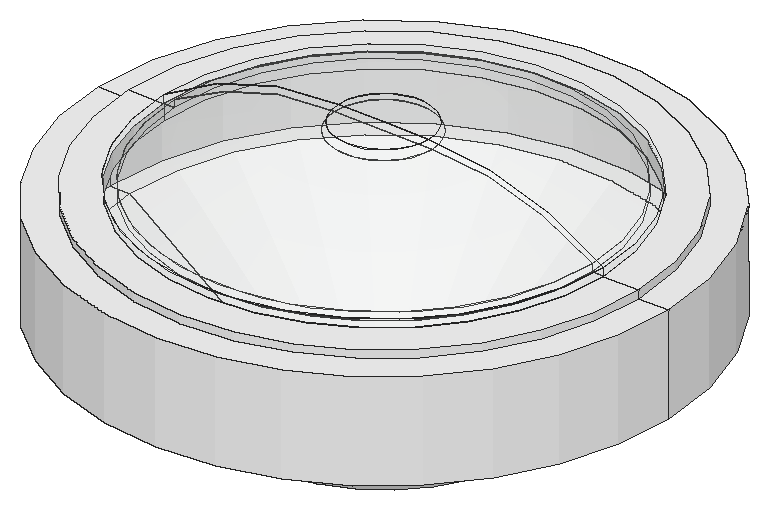
Revit family "FPH", category Lighting Fixtures, host Face, Revit 2012
Parameters (values of type "FPH")
  Wattage = 9.2903 W
  built-in parameter 1150110 = 1 (stored number, unit not read)
  URL = "http://www.hubbellindustrial.com/"
  built-in parameter 1114217 = 1 (stored number, unit not read)
  Tilt Angle = 0.00°
  built-in parameter 1150109 = 1 (stored number, unit not read)
  built-in parameter 1150134 = 3
  built-in parameter 1150113 = 1 (stored number, unit not read)
  Product Material = Hubbell - White
  Photometric Web File = "generic"
  built-in parameter 1150142 = (empty or 0)
  Model = "FPH"  # constant formula
  Manufacturer Phone = "864-678-1000"  # constant formula
  Manufacturer Fax = "866-898-0131"  # constant formula
  Manufacturer = "Hubbell Industrial Lighting"  # constant formula
  built-in parameter 1150105 = 109.82 (stored number, unit not read)
  Lumens = 1380 lm
  built-in parameter 1150115 = 1 (stored number, unit not read)
  built-in parameter 1150137 = (empty or 0)
  built-in parameter 1150139 = (empty or 0)
  Light Bulb Material = Hubbell - White Glass
  built-in parameter 1150112 = 1 (stored number, unit not read)
  built-in parameter 1150114 = 1 (stored number, unit not read)
  built-in parameter 1150132 = (empty or 0)
  built-in parameter 1150102 = (empty or 0)
  built-in parameter 1150107 = 3200 (stored number, unit not read)
  built-in parameter 1150138 = (empty or 0)
  built-in parameter 1150106 = 1.0982 (stored number, unit not read)
  built-in parameter 1150104 = 13.8 (stored number, unit not read)
  Dimming Lamp Color Temperature Shift = <None>
  Description = "Food Processing Highbay"  # constant formula
  Default Elevation = 48.00"
  Connector Description = "Lighting Connector"  # constant formula
  Color Filter = 16777215
  built-in parameter 1114218 = 1 (stored number, unit not read)
  built-in parameter 1150133 = 10 (stored number, unit not read)
Reference planes (in)
  plane 1 "Center (Front/Back)": y = 0
  plane 2: z = 0
  plane 3 "Center (Left/Right)": x = 0
  plane 4: x = -9.5
  plane 5: x = 9.5
  plane 6: z = 9.921
  plane 7: z = 7.641
Forms (in)
  Revolve 1, solid, material "Hubbell - White" <- "Product Material"
    sketch origin (0, 0, 0) x (1, 0, 0) y (0, 0, 1)
      loop
        line (9.5, 7.641) -> (8.5, 7.641) -> (8.5, 7.891) -> (7.3399, 7.891) -> (7.3399, 7.391) -> (9.12746, 7.391) -> (9.12746, 4.79806) -> (8.46012, 4.79806) -> (3.75, 1.5) -> (0, 1.5) -> (0, 0) -> (1.29257, 0) -> (1.29257, 0.5077) -> (4.85903, 1.66651) -> (8.75, 4.391) -> (9.5, 4.391) -> (9.5, 7.641)
      axis (0, 7.891) -> (0, 0)
    angle from 0 to 360
  Revolve 2, solid, material "Hubbell - White Glass" <- "Light Bulb Material"
    sketch origin (0, 0, 0) x (1, 0, 0) y (0, 0, 1)
      loop
        line (0, 9.921) -> (0, 9.671) -> (1.6205, 9.671)
        arc (1.6205, 9.671) -> (4.3997, 9.28097) -> (6.96417, 8.141) r 10.09665
        line (6.96417, 8.141) -> (6.96417, 7.891) -> (7.3399, 7.891) -> (7.3399, 8.1472)
        arc (7.3399, 8.1472) -> (4.55167, 9.46777) -> (1.5, 9.921) r 10.5003
        line (1.5, 9.921) -> (0, 9.921)
      axis (0, 9.921) -> (0, 7.891)
    angle from 0 to 360
Dimensions and locks (in)
  equal spacing: plane 4, plane 3 "Center (Left/Right)", plane 5
  aligned and locked: plane 2 to host face
  aligned and locked: level to host face
  aligned and locked: Revolve 1 sketch curve to plane 3 "Center (Left/Right)"
  aligned and locked: Revolve 2 sketch curve to plane 3 "Center (Left/Right)"
Automatic sketch dimensions
  host sketch curve to host sketch curve = 96.00"  (x2)
  Revolve 1 sketch curve to plane 3 "Center (Left/Right)" = 0.00"
  Revolve 1 sketch curve to level = 0.00"
  Revolve 1 sketch curve to plane 7 = 0.00"
  Revolve 1 sketch curve to plane 5 = 0.00"
  level to Revolve 1 sketch curve = 0.5077"
  plane 3 "Center (Left/Right)" to Revolve 1 sketch curve = 1.29257"
  Revolve 1 sketch curve to Revolve 1 sketch curve = 2.45743"
  level to Revolve 1 sketch curve = 1.66651"
  Revolve 1 sketch curve to Revolve 1 sketch curve = 1.10903"
  plane 7 to Revolve 1 sketch curve = 0.25"
  Revolve 1 sketch curve to plane 5 = 2.1601"
  Revolve 1 sketch curve to plane 5 = 1.03988"
  Revolve 1 sketch curve to Revolve 1 sketch curve = 1.00"
  Revolve 1 sketch curve to Revolve 1 sketch curve = 0.28988"
  Revolve 1 sketch curve to plane 5 = 0.37254"
  Revolve 1 sketch curve to Revolve 1 sketch curve = 1.50"
  Revolve 1 sketch curve to plane 7 = 3.25"
  Revolve 1 sketch curve to Revolve 1 sketch curve = 0.40706"
  Revolve 1 sketch curve to plane 7 = 0.25"
  Revolve 1 sketch curve to level = 24.00"
  plane 6 to Revolve 1 sketch curve = 92.79782"
  Revolve 2 sketch curve to plane 3 "Center (Left/Right)" = 0.00"
  Revolve 2 sketch curve to plane 6 = 0.00"
  plane 3 "Center (Left/Right)" to Revolve 2 sketch curve = 1.50"
  Revolve 2 sketch curve to Revolve 2 sketch curve = 0.1205"
  plane 7 to Revolve 2 sketch curve = 0.50"
  Revolve 2 sketch curve to Revolve 2 sketch curve = 0.37573"
  plane 7 to Revolve 2 sketch curve = 0.25"
  Revolve 2 sketch curve to level = 0.42565"
  Revolve 2 sketch curve to Revolve 2 sketch curve = 0.15366"
  Revolve 2 sketch curve to Revolve 2 sketch curve = 23.4207"
  Revolve 2 sketch curve to plane 6 = 0.25"
  Revolve 2 sketch curve to Revolve 2 sketch curve = 92.79782"
Connectors (in)
  electrical at (0, 0, 0)
    settings: on Revolve 1, index 1, voltage 0 V, apparent load 0 VA, apparent load phase1 0 VA, apparent load phase2 0 VA, apparent load phase3 0 VA, power factor 1, load classification "Other", number of poles 1, system type 31, power factor state 1, is connector primary yes, connector utility no, sub classification motor no, connector description ""
